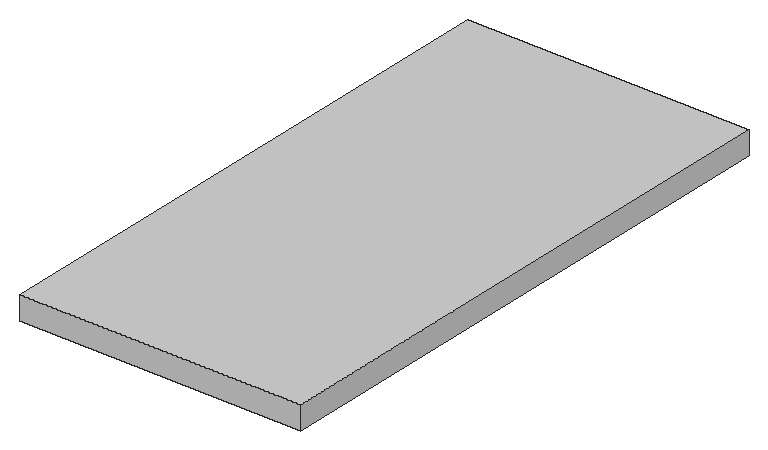
Revit family "Cambio Wall Systems - Designer - Michael Golden Waveform 18x36", category Generic Models, host Face, Revit 2023
Family settings
  Host = Face
  Can host rebar = No
  Round Connector Dimension = Use Diameter
  Part Type = Normal
  Cut with Voids When Loaded = No
  Maintain Annotation Orientation = No
  Shared = No
  Room Calculation Point = No
Parameters (values of type "Designer - Michael Golden - Waveform GLOSSY WHITE")
  Default Elevation = 4' - 0"
  Cambio Material = Cambio Designer - Michael Golden - Waveform Glossy White
Types (2): name | Cambio Material
  Designer - Michael Golden - Waveform MATTE BLACK | Cambio Designer - Michael Golden - Waveform Matte Black
  Designer - Michael Golden - Waveform GLOSSY WHITE | Cambio Designer - Michael Golden - Waveform Glossy White
Reference planes (in)
  plane 1 "Center (Front/Back)": y = 0
  plane 2: z = 0
  plane 3 "Center (Left/Right)": x = 0
  plane 4: z = 0.75
Forms (in)
  Extrusion 1, solid, material "Cambio Designer - Michael Golden - Waveform Glossy White" <- "Cambio Material"
    sketch origin (0, 0, 1.5) x (0, -1, 0) y (1, 0, 0)
      loop
        line (-18, -9) -> (18, -9) -> (18, 9) -> (-18, 9) -> (-18, -9)
    from -1.5 to 0
Dimensions and locks (in)
  Extrusion 1 sketch curve to Extrusion 1 sketch curve = 1' - 6"
  Extrusion 1 sketch curve to plane 1 "Center (Front/Back)" to Extrusion 1 sketch curve = 1' - 6" locked, 1' - 6" locked
  aligned and locked: plane 2 to host face
  aligned and locked: level to host face
